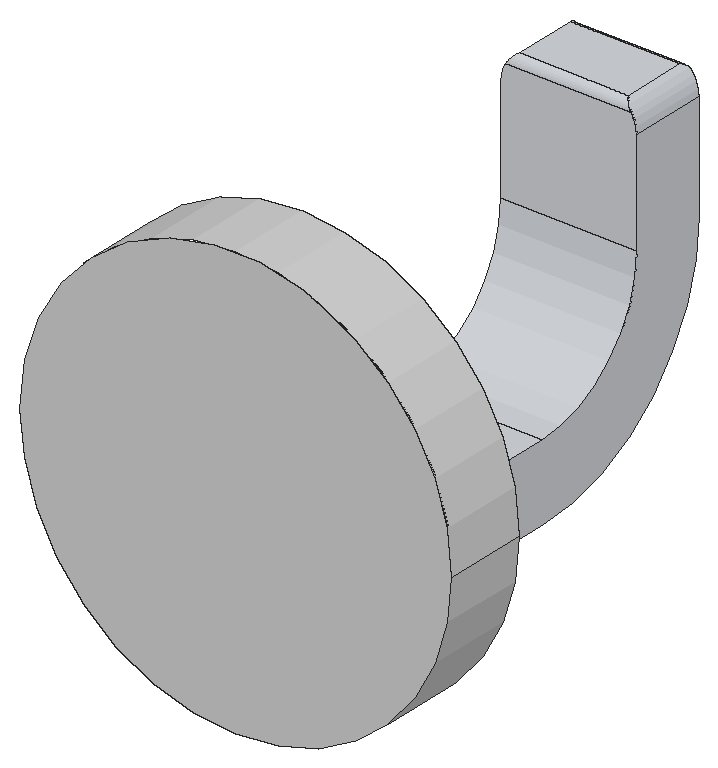
Revit family "SA-2708", category Plumbing Fixtures, host Wall, Revit 2023
Family settings
  Host = Wall
  Round Connector Dimension = Use Diameter
  Part Type = Normal
  OmniClass Number = 23.45.00.00
  OmniClass Title = Sanitary, Laundry, and Cleaning Equipment
  Enable Cutting in Views = No
  Always vertical = Yes
  Cut with Voids When Loaded = No
  Maintain Annotation Orientation = No
  Shared = No
  Room Calculation Point = No
Parameters
  Default Elevation = 0' - 0"
Reference planes (in)
  plane 1: y = 0
  plane 2 "Center (Left/Right)": x = -0.47711
  plane 3 "Back": y = 3
  plane 4: z = 36
  plane 5: x = 0.61664
  plane 6: x = -1.57086
  plane 7: z = 37.09375
  plane 8: z = 34.90625
  plane 9: x = -0.82086
  plane 10: x = -0.13336
  plane 11: y = 4.75
  plane 12: y = 3.42339
  plane 13: y = 4.3127
  plane 14: z = 35.31209
  plane 15: z = 35.69559
  plane 16: y = 5.49963
  plane 17: y = 5.10739
Forms (in)
  Extrusion 1, solid, material "Metal"
    sketch origin (-60, 3, 0) x (-1, 0, 0) y (0, 0, 1)
      loop
        circle (-59.52289, 36) r 1.09525
    from 0 to 0.42339
Text (in)
  text "Placement Side" at (0, 40.15149, 123.01588), in view "Right"
  text "Placement Side" at (-70.3804, 45.82615, 0), in view "Ref. Level"
  text "Placement Side" at (0, 47.49176, 113.10569), in view "Left"
Dimensions and locks (in)
  locked: plane 3 "Back" to host wall
  plane 9 to plane 10 = 0' - 0 11/16"
  locked: plane 12 to plane 3 "Back" at 0.42339
  locked: plane 11 to plane 3 "Back" at 1.75
  locked: plane 3 "Back" to plane 13 at 1.3127
  plane 3 "Back" to nested 1 = 0' - 2.10739"
  aligned and locked: nested 1 to plane 12
  aligned and locked: plane 16 to nested 1  (x2)
  aligned and locked: plane 17 to nested 1
  aligned and locked: plane 3 "Back" to Extrusion 1
Nested families (in)
  nested 1: "Family2" at (-0.47711, 3.42339, 32.27517), type "Family2"
Definition of nested family "Family2"
  Parameters
    Default Elevation = 0' - 0"
  Reference planes (in)
    plane 1 "Center (Front/Back)": y = 0
    plane 2: z = 0
    plane 3 "Center (Left/Right)": x = 0
    plane 4: x = -0.34375
    plane 5: x = 0.34375
  Forms (in)
    Extrusion 1, solid
      sketch origin (0, 0, 0) x (0, 1, 0) y (0, 0, 1)
        loop
          line (0, 3.38664) -> (0, 3.06404)
          arc (0, 3.06404) -> (0.00794, 3.04486) -> (0.02711, 3.03692) r 0.02711
          line (0.02711, 3.03692) -> (1.08927, 3.03692)
          arc (1.08927, 3.03692) -> (1.78609, 3.3148) -> (2.07624, 4.00661) r 0.96984
          line (2.07624, 4.00661) -> (2.07624, 4.65472)
          arc (2.07624, 4.65472) -> (2.06646, 4.67832) -> (2.04286, 4.68809) r 0.03338
          line (2.04286, 4.68809) -> (1.7187, 4.68809)
          arc (1.7187, 4.68809) -> (1.69354, 4.66878) -> (1.684, 4.63854) r 0.05273
          line (1.684, 4.63854) -> (1.684, 4.01952)
          arc (1.684, 4.01952) -> (1.50972, 3.59877) -> (1.08898, 3.4245) r 0.59502
          line (1.08898, 3.4245) -> (0.03785, 3.4245)
          arc (0.03785, 3.4245) -> (0.01109, 3.41341) -> (0, 3.38664) r 0.03785
      from -0.34375 to 0.34375
    Extrusion 2, void
      sketch origin (0, 2.07624, 4.69378) x (0, 0, 1) y (-1, 0, 0)
        loop
          line (-0.14504, -0.34375) -> (0.03338, -0.34375) -> (0.03338, -0.16533)
          arc (0.03338, -0.16533) -> (-0.01888, -0.29149) -> (-0.14504, -0.34375) r 0.17842
        loop
          arc (-0.14504, 0.34375) -> (-0.01888, 0.29149) -> (0.03338, 0.16533) r 0.17842
          line (0.03338, 0.16533) -> (0.03338, 0.34375) -> (-0.14504, 0.34375)
      from 0 to 0.54334
  Cuts and joins
    Extrusion 2 cuts Extrusion 1
  Dimensions and locks (in)
    plane 4 to plane 3 "Center (Left/Right)" = 0' - 0 11/32"
    aligned and locked: level to plane 2
